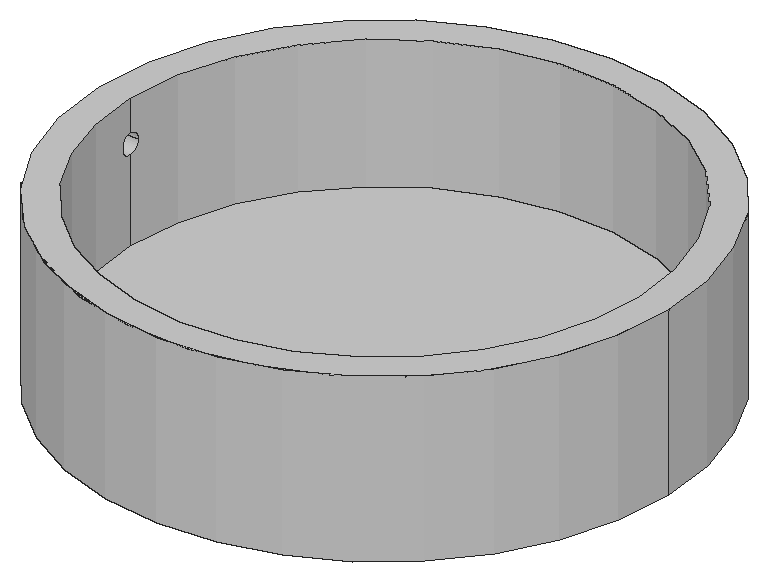
Revit family "KOD 15.5", category Фундамент несущей конструкции, Revit 2025
Family settings
  Материал для поведения модели = Прочее
  Заглушка = Нет
  Номер OmniClass = 23.25.05.00
  Заголовок OmniClass = Foundations
  На основе рабочей плоскости = Нет
  Всегда вертикально = Да
  При загрузке вырезать с полостями = Нет
  Общий = Нет
  Показывать семейство разрезанным на планах = Да
Parameters
  Петля = Петля_П1_П2 : П2
Reference planes
  plane 1 "По центру (Вперед/Назад)": y = -35
  plane 2: z = 0
  plane 3 "По центру (Влево/Вправо)": x = 0
  plane 4: z = 490
  plane 5: x = -840
  plane 6: x = -750
  plane 7: x = -650
  plane 8: x = 50
  plane 9: x = 750
  plane 10: x = 840
  plane 11: z = 150
  plane 12: x = -830
  plane 13: x = 830
  plane 14: z = 370
Forms (mm)
  Extrusion 1, solid, material "Бетон В15"
    sketch origin (0, 0, 0) x (1, 0, 0) y (0, 1, 0)
      loop
        circle (0, -35) r 840
      loop
        circle (0, -35) r 750
    from 0 to 490
  Extrusion 2, solid, material "Бетон В15"
    sketch origin (0, 0, 0) x (1, 0, 0) y (0, 1, 0)
      loop
        circle (0, -35) r 750
    from 0 to 100
  Extrusion 3, void
    sketch origin (0, 0, 0) x (0, 1, 0) y (0, 0, 1)
      loop
        circle (-35, 370) r 30
    from -830 to 830
Cuts and joins
  Extrusion 3 cuts Extrusion 1
  joined: Extrusion 1, Extrusion 2
Dimensions and locks
  plane 4 to level = 490 mm
  plane 14 to level = 370 mm
  aligned and locked: plane 2 to level
